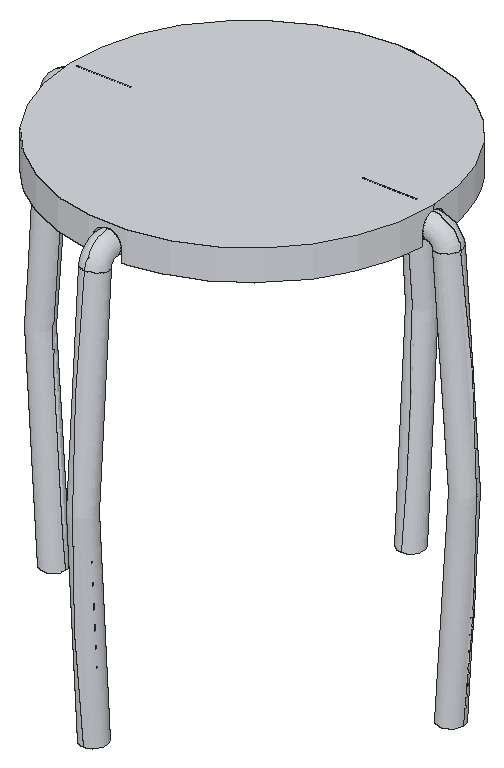
Revit family
Parameters (values of type "420 x 420mm")
  URL = ""
  Seat Material = none
  Model = ""
  Manufacturer = "Revit"
  Leg Material = none
  Description = "Stool"
  Assembly Code = "E2020200"
Reference planes
  plane 1 "Center (Front/Back)": y = 0
  plane 2: z = 0
  plane 3 "Center (Left/Right)": x = 0
  plane 4: x = -215
  plane 5: x = 215
  plane 6: x = -200
  plane 7: x = 200
  plane 8: y = -215
  plane 9: y = 215
  plane 10: y = -200
  plane 11: y = 200
Forms (mm)
  Extrusion 1, solid, material <- "Seat Material"
    sketch origin (0, 0, 410) x (1, 0, 0) y (0, 1, 0)
      loop
        circle (0, 0) r 175
    from 0 to 30
  Sweep 2, solid, material <- "Leg Material"
    path origin (0, 0, 0) x (1, 0, 0) y (0, 0, 1)
      loop
        arc (-200, -15) -> (-215, 197.5) -> (-200, 410) r 1512.708
        arc (-200, 410) -> (-191.195, 426.211) -> (-173.93, 432.711) r 26.423
        line (-173.93, 432.711) -> (0, 432.711) -> (173.93, 432.711)
        arc (173.93, 432.711) -> (191.195, 426.211) -> (200, 410) r 26.423
        arc (200, 410) -> (215, 197.5) -> (200, -15) r 1512.708
    profile origin (0, 0, 197.5) x (-1, 0, 0) y (0, -1, 0)
      loop
        circle (204.521, 0) r 12
  Extrusion 3, void
    sketch origin (0, 0, 0) x (1, 0, 0) y (0, 0, 1)
      loop
        line (-213.702, 0) -> (-213.702, -40) -> (226.298, -40) -> (226.298, 0) -> (-213.702, 0)
    from -260.218 to 317.918
  Sweep 4, solid, material <- "Leg Material"
    path origin (0, 0, 0) x (0, 1, 0) y (0, 0, 1)
      loop
        arc (-200, -15) -> (-215, 197.5) -> (-200, 410) r 1512.708
        arc (-200, 410) -> (-191.195, 426.211) -> (-173.93, 432.711) r 26.423
        line (-173.93, 432.711) -> (0, 432.711) -> (173.93, 432.711)
        arc (173.93, 432.711) -> (191.195, 426.211) -> (200, 410) r 26.423
        arc (200, 410) -> (215, 197.5) -> (200, -15) r 1512.708
    profile origin (0, 0, 197.5) x (0, -1, 0) y (1, 0, 0)
      loop
        circle (204.521, 0) r 12
  Extrusion 5, void
    sketch origin (0, 0, 0) x (1, 0, 0) y (0, 0, 1)
      loop
        line (-14, 396.511) -> (14, 396.511) -> (14, 421.939)
        arc (14, 421.939) -> (0, 435.939) -> (-14, 421.939) r 14
        line (-14, 421.939) -> (-14, 396.511)
    from 101.021 to 201.282
  Extrusion 6, void
    sketch origin (0, 0, 0) x (1, 0, 0) y (0, 0, -1)
      loop
        line (-14, -396.511) -> (-14, -421.939)
        arc (-14, -421.939) -> (0, -435.939) -> (14, -421.939) r 14
        line (14, -421.939) -> (14, -396.511) -> (-14, -396.511)
    from 101.021 to 201.282
  Extrusion 7, void
    sketch origin (0, 0, 0) x (0, 1, 0) y (0, 0, 1)
      loop
        line (-14, 396.511) -> (14, 396.511) -> (14, 421.939)
        arc (14, 421.939) -> (0, 435.939) -> (-14, 421.939) r 14
        line (-14, 421.939) -> (-14, 396.511)
    from 101.021 to 201.282
  Extrusion 8, void
    sketch origin (0, 0, 0) x (0, 1, 0) y (0, 0, -1)
      loop
        line (-14, -396.511) -> (-14, -421.939)
        arc (-14, -421.939) -> (0, -435.939) -> (14, -421.939) r 14
        line (14, -421.939) -> (14, -396.511) -> (-14, -396.511)
    from 101.021 to 201.282
Cuts and joins
  Extrusion 3, Extrusion 6 cuts Sweep 2
  Extrusion 3, Extrusion 5, Extrusion 6, Extrusion 7, Extrusion 8 cuts Extrusion 1
  Extrusion 3, Extrusion 7, Extrusion 8 cuts Sweep 4
Lines and regions (mm)
  symbolic lines
    curve 1: circle (0, 0, 0) r 175 normal (0, 0, 1)
    curve 2: line (-11.892, 174.595, 0) -> (-11.892, 204.595, 0)
    curve 3: line (11.892, 174.595, 0) -> (11.892, 204.595, 0)
    curve 4: arc (-11.892, 204.595, 0) -> (0, 216.487, 0) -> (11.892, 204.595, 0) r 11.892
    curve 5: line (-11.892, -174.595, 0) -> (-11.892, -204.595, 0)
    curve 6: line (11.892, -174.595, 0) -> (11.892, -204.595, 0)
    curve 7: arc (-11.892, -204.595, 0) -> (0, -216.487, 0) -> (11.892, -204.595, 0) r 11.892
    curve 8: line (-174.595, -11.892, 0) -> (-204.595, -11.892, 0)
    curve 9: line (-174.595, 11.892, 0) -> (-204.595, 11.892, 0)
    curve 10: arc (-204.595, -11.892, 0) -> (-216.487, 0, 0) -> (-204.595, 11.892, 0) r 11.892
    curve 11: line (174.595, -11.892, 0) -> (204.595, -11.892, 0)
    curve 12: line (174.595, 11.892, 0) -> (204.595, 11.892, 0)
    curve 13: arc (204.595, -11.892, 0) -> (216.487, 0, 0) -> (204.595, 11.892, 0) r 11.892
